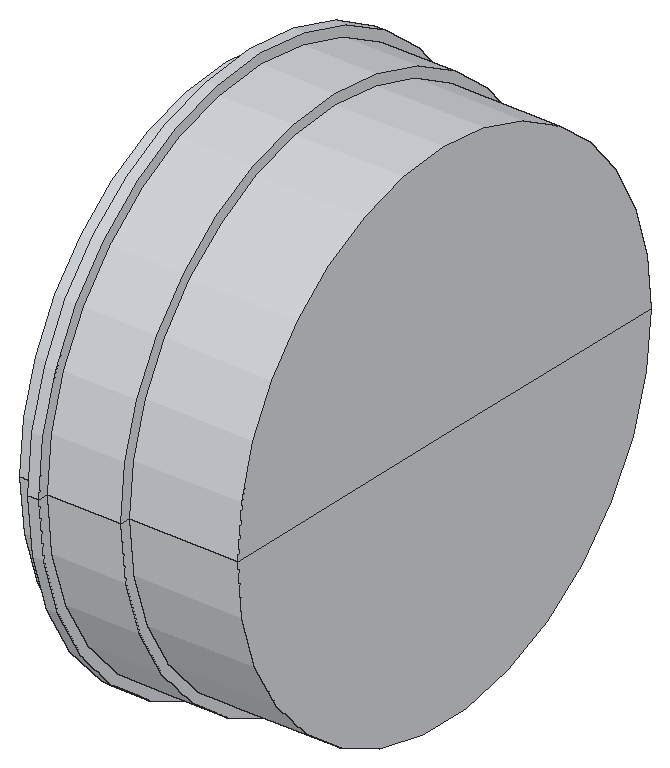
Revit family "Colar selador - Soquete - DI", category Conexões de tubo, Revit 2019
Family settings
  Cota do conector redondo = Usar raio
  Tipo de parte = União
  Com base no plano de trabalho = Não
  Sempre na vertical = Sim
  Corte com vazios quando carregada = Não
  Compartilhado = Não
Parameters (values of type "Padrão")
  Tamanho da marca de revisão [instance] = 0.4 * Diâmetro externo da conexão  # 95.04 mm
  Raio externo do anel [instance] = Diâmetro externo do anel / 2  # 128 mm
  Diâmetro externo do anel [instance] = size_lookup(Nome da tabela de pesquisa, "ROD", 1.07 * Diâmetro nominal + 94.8 mm, Diâmetro nominal)  # 256 mm
  Raio nominal [instance] = 75 mm
  Diâmetro nominal [instance] = Raio nominal * 2  # 150 mm
  Método de perda = Coeficiente K da tabela
  Nome da tabela de pesquisa = "BR_Sealing Collar - Socket - DI"
  Comprimento não encontrado [instance] = if(Diâmetro nominal < 200 mm, 100 mm, if(Diâmetro nominal > 500 mm, 120 mm, 110 mm))  # 100 mm
  Tabela de coeficiente K = "Redutor/Acoplamento/União/Redutor"
  Raio externo da conexão [instance] = Diâmetro externo da conexão / 2  # 118.8 mm
  Diâmetro externo da conexão [instance] = Diâmetro nominal + 24 * (0.5 mm + (0.001 * Diâmetro nominal) + 3 mm)  # 237.6 mm
  Comprimento [instance] = size_lookup(Nome da tabela de pesquisa, "Lgt", Comprimento não encontrado, Diâmetro nominal)  # 100 mm
Reference planes
  plane 1 "Centro (frente/trás)": y = 0
  plane 2: z = 0
  plane 3 "Centro (direita/esquerda)": x = 0
  plane 4: x = -50
  plane 5: x = 50
  plane 6: y = 95.04
  plane 7: y = -95.04
  plane 8: y = 40
  plane 9: y = -40
  plane 10: z = 9.875
  plane 11: z = -9.875
Forms (mm)
  Revolve 1, solid, detail levels fine
    sketch origin (0, 0, 0) x (1, 0, 0) y (0, 1, 0)
      loop
        line (-50, 0) -> (50, 0) -> (50, 118.8) -> (0, 118.8) -> (0, 123.4) -> (-34.163, 123.4) -> (-34.163, 128) -> (-39.163, 128) -> (-39.163, 118.8) -> (-50, 118.8) -> (-50, 0)
      axis (-50, 0) -> (50, 0)
    angle from 0 to 360
Lines and regions (mm)
  model lines, detail levels coarse+medium
    curve 1: line (-50, 0, 0) -> (50, 0, 0)
    curve 2: line (-50, 95.04, 0) -> (-50, -95.04, 0)
    curve 3: line (50, 95.04, 0) -> (50, -95.04, 0)
Dimensions and locks
  equal spacing: plane 4, plane 3 "Centro (direita/esquerda)", plane 5
  "Comprimento": plane 4 to plane 5
  "Tamanho da marca de revisão": plane 6 to plane 1 "Centro (frente/trás)"
  "Tamanho da marca de revisão": plane 7 to plane 1 "Centro (frente/trás)"
  equal spacing: plane 10, plane 2, plane 11
  plane 10 to plane 11 = 19.75 mm
  "Raio externo do anel": Revolve 1 sketch curve to Revolve 1 sketch curve
  "Raio externo da conexão": Revolve 1 sketch curve to Revolve 1 sketch curve
  locked: Revolve 1 sketch curve to Revolve 1 sketch curve at 5
  equal spacing: Revolve 1 sketch curve, Revolve 1 sketch curve, Revolve 1 sketch curve
  aligned and locked: plane 5 to curve 1
  aligned and locked: plane 4 to curve 1
  aligned and locked: plane 1 "Centro (frente/trás)" to curve 1
  aligned and locked: plane 6 to curve 2
  aligned and locked: plane 7 to curve 2
  aligned and locked: curve 2 to plane 4
  aligned and locked: plane 7 to curve 3
  aligned and locked: plane 6 to curve 3
  aligned and locked: curve 3 to plane 5
  aligned and locked: plane 1 "Centro (frente/trás)" to Revolve 1 sketch curve
  aligned and locked: Revolve 1 sketch curve to Revolve 1 sketch curve  (x2)
  aligned and locked: Revolve 1 sketch curve to plane 5
Automatic sketch dimensions
  Revolve 1 sketch curve to plane 4 = 0 mm
  Revolve 1 sketch curve to plane 3 "Centro (direita/esquerda)" = 0 mm
  Revolve 1 sketch curve to plane 4 = 20 mm
  Revolve 1 sketch curve to Revolve 1 sketch curve = 10.837 mm
  Revolve 1 sketch curve to Revolve 1 sketch curve = 102.024 mm
Connectors
  piping at (-50, 0, 0), diameter 150, driven by "Raio nominal"
    settings: on Revolve 1, index 1, connector inside diameter 150 mm, connector length 0 mm, flow factor 0, pipe flow 0.0 L/s, pressure drop 0.0 Pa, fitting loss kfactor 0, connector angle 0.00°, fixture units 0, engagement length 0 mm, angle of deflection 0.00°, flow configuration 0, flow direction 0, fitting loss method 0, system type 28, joint type 0, gender type 0, connector reference index 2, connector utility 0, adjustable connector no, is connector primary yes, connector description ""
  piping at (50, 0, 0), diameter 150, driven by "Raio nominal"
    settings: on Revolve 1, index 2, connector inside diameter 150 mm, connector length 0 mm, flow factor 0, pipe flow 0.0 L/s, pressure drop 0.0 Pa, fitting loss kfactor 0, connector angle 0.00°, fixture units 0, engagement length 0 mm, angle of deflection 0.00°, flow configuration 0, flow direction 0, fitting loss method 0, system type 28, joint type 0, gender type 0, connector reference index 1, connector utility 0, adjustable connector no, is connector primary no, connector description ""
